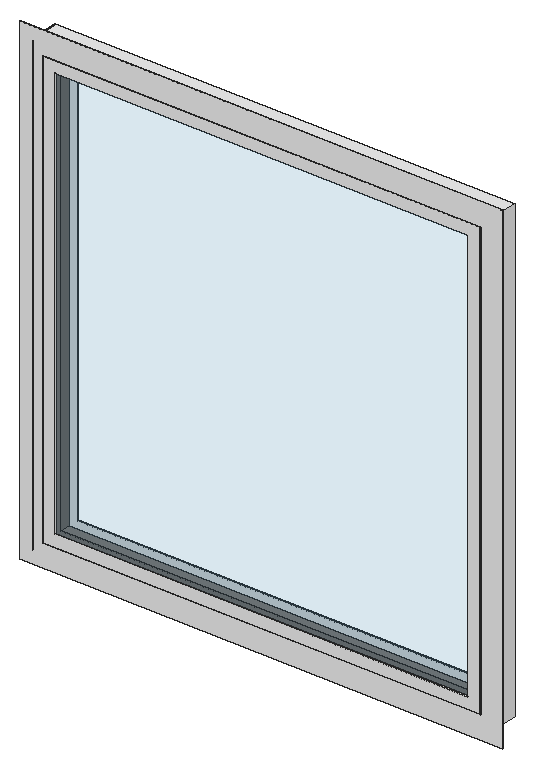
Revit family "Casement_30.5_I_Top_Hung_Custom", category Windows, host Wall, Revit 2014
Parameters (values of type "Casement_Sash_DG")
  Width Sash [instance] = 30 mm
  Width Sash Inner = 15 mm
  Width Bead = 15 mm
  Top Hung [instance] = yes
  Side Hung Right [instance] = yes
  Side Hung Left [instance] = yes
  Sash Opening Width [instance] = 600 mm
  Sash Opening Height [instance] = 600.312 mm
  Sash Lip = 15 mm
  Glazing Material [instance] = Glass
  DG Start Piece 2 [instance] = DG End Piece 1 + DG Gasket Thickness  # 25 mm
  DG Start Peice 1 [instance] = (Depth Sash - (2 * DG Glazing Thickness) - DG Gasket Thickness) / 2  # 6.6 mm
  Glazing Offset = 5 mm
  DG Glazing Thickness [instance] = 6.4 mm
  DG Gasket Thickness = 12 mm  # constant formula
  DG Gasket Material [instance] = Double Glazing Gasket Material
  DG End Piece 2 [instance] = DG Start Piece 2 + DG Glazing Thickness  # 31.4 mm
  DG End Piece 1 [instance] = DG Start Peice 1 + DG Glazing Thickness  # 13 mm
  Depth Sash [instance] = 38 mm
  Center Vertical Sash [instance] = Sash Opening Height / 2  # 300.156 mm
  Center Horizontal Sash [instance] = Sash Opening Width / 2  # 300 mm
  Bottom Hung [instance] = yes
  Bead Offset = 15 mm
  Aluminium Thickness = 1 mm
  Aluminium Material [instance] = White Powder Coated Aluminium
Reference planes
  plane 1 "Center (Front/Back)": y = 0
  plane 2: z = 0
  plane 3 "Center (Left/Right)": x = 0
Forms (mm)
  Sweep 1, solid, material "White Powder Coated Aluminium" <- "Aluminium Material"
    path origin (16.177, 0, 121.331) x (1, 0, 0) y (0, 0, 1)
      loop
        line (0, 0) -> (600, 0) -> (600, 600.312) -> (0, 600.312) -> (0, 0)
    profile origin (316.177, 0, 121.331) x (0, 0, 1) y (0, -1, 0)
      loop
        line (0, 0) -> (30, 0) -> (30, 1) -> (15, 1) -> (15, 38) -> (-15, 38) -> (-15, 37) -> (0, 37) -> (0, 0)
      loop
        line (14, 1) -> (14, 37) -> (1, 37) -> (1, 1) -> (14, 1)
  Sweep 2, solid, material "White Powder Coated Aluminium" <- "Aluminium Material"
    path origin (0, 0, 0) x (1, 0, 0) y (0, 0, 1)
      loop
        line (31.177, 706.643) -> (31.177, 136.331) -> (601.177, 136.331) -> (601.177, 706.643) -> (31.177, 706.643)
    profile origin (316.177, 0, 706.643) x (0, 0, 1) y (0, -1, 0)
      loop
        line (0, 37) -> (0, 38) -> (-15, 38) -> (-15, 37) -> (0, 37)
  Extrusion 3, solid, material "Glass" <- "Glazing Material"
    sketch origin (0, 0, 0) x (1, 0, 0) y (0, 0, 1)
      loop
        line (36.177, 701.643) -> (36.177, 141.331) -> (596.177, 141.331) -> (596.177, 701.643) -> (36.177, 701.643)
    from 6.6 <- "DG Start Peice 1" to 13 <- "DG End Piece 1"
  Extrusion 4, solid, material "Glass" <- "Glazing Material"
    sketch origin (0, 0, 0) x (1, 0, 0) y (0, 0, 1)
      loop
        line (36.177, 701.643) -> (36.177, 141.331) -> (596.177, 141.331) -> (596.177, 701.643) -> (36.177, 701.643)
    from 31.4 <- "DG End Piece 2" to 25 <- "DG Start Piece 2"
  Sweep 5, solid, material "Double Glazing Gasket Material" <- "DG Gasket Material"
    path origin (0, -13, 0) x (1, 0, 0) y (0, 0, 1)
      loop
        line (36.177, 701.643) -> (36.177, 141.331) -> (596.177, 141.331) -> (596.177, 701.643) -> (36.177, 701.643)
    profile origin (316.177, -13, 701.643) x (0, 0, 1) y (0, -1, 0)
      loop
        line (0, 0) -> (0, 12) -> (-7.96, 12) -> (-7.96, 0) -> (0, 0)
Lines and regions (mm)
  model lines
    curve 1: line (1.177, -38, 736.643) -> (31.177, -38, 706.643)
    curve 2: line (601.177, -38, 706.643) -> (631.177, -38, 736.643)
    curve 3: line (601.177, -38, 136.331) -> (631.177, -38, 106.331)
    curve 4: line (1.177, -38, 106.331) -> (31.177, -38, 136.331)
    curve 5: line (631.177, -37, 736.643) -> (616.177, -37, 721.643)
    curve 6: line (1.177, -37, 736.643) -> (16.177, -37, 721.643)
    curve 7: line (1.177, -37, 106.331) -> (16.177, -37, 121.331)
    curve 8: line (631.177, -37, 106.331) -> (616.177, -37, 121.331)
    curve 9: line (616.177, 0, 121.331) -> (586.177, 0, 151.331)
    curve 10: line (46.177, 0, 151.331) -> (16.177, 0, 121.331)
    curve 11: line (616.177, 0, 721.643) -> (586.177, 0, 691.643)
    curve 12: line (46.177, 0, 691.643) -> (16.177, 0, 721.643)
    curve 13: line (31.177, -38, 691.643) -> (46.177, -38, 691.643)
    curve 14: line (586.177, -38, 691.643) -> (601.177, -38, 691.643)
    curve 15: line (586.177, -38, 151.331) -> (601.177, -38, 151.331)
    curve 16: line (31.177, -38, 151.331) -> (46.177, -38, 151.331)
  model lines, style "GenericModelHiddenLines", visible <- "Top Hung"
    curve 17: line (46.386, -31.4, 690.914) -> (316.177, -31.4, 151.331)
    curve 18: line (316.177, -31.4, 151.331) -> (586.177, -31.4, 691.331)
  model lines, style "GenericModelHiddenLines", visible <- "Bottom Hung"
    curve 19: line (46.177, -31.4, 151.331) -> (316.177, -31.4, 691.331)
    curve 20: line (316.177, -31.4, 691.331) -> (586.177, -31.4, 151.331)
  model lines, style "GenericModelHiddenLines", visible <- "Side Hung Left"
    curve 21: line (46.386, -31.4, 690.914) -> (585.24, -31.4, 421.487)
    curve 22: line (585.24, -31.4, 421.487) -> (46.177, -31.4, 151.331)
  model lines, style "GenericModelHiddenLines", visible <- "Side Hung Right"
    curve 23: line (586.177, -31.4, 691.331) -> (46.177, -31.4, 421.487)
    curve 24: line (46.177, -31.4, 421.487) -> (586.177, -31.4, 151.331)
Dimensions and locks
  "Aluminium Thickness": Sweep 1 sketch curve to Sweep 1 sketch curve  (x4)
  "Depth Sash": Sweep 1 sketch curve to Sweep 1 sketch curve
  "Sash Opening Width": Sweep 1 to Sweep 1
  "Sash Opening Height": Sweep 1 to Sweep 1
  "Width Sash": Sweep 1 sketch curve to Sweep 1 sketch curve  (x2)
  "Width Sash Inner": Sweep 1 sketch curve to Sweep 1 sketch curve
  "Sash Lip": Sweep 1 sketch curve to Sweep 1 sketch curve
  "Aluminium Thickness": Sweep 1 to Sweep 2 sketch curve
  "Glazing Offset": Sweep 2 to Extrusion 3 sketch curve  (x3)
  "Glazing Offset": Extrusion 3 sketch curve to Sweep 2
  Sweep 1 to Sweep 1 = 1 mm
  "Aluminium Thickness": Sweep 2 sketch curve to Sweep 2 sketch curve
  "Width Bead": Sweep 2 sketch curve to Sweep 2 sketch curve
  locked: Sweep 5 sketch curve to Sweep 5 sketch curve at 7.96
  "Center Horizontal Sash": Sweep 1 to curve 18
  "Center Horizontal Sash": Sweep 1 to curve 20
  "Center Vertical Sash": Sweep 1 to curve 22
  "Center Vertical Sash": Sweep 1 to curve 24
  aligned and locked: level to plane 2
  aligned and locked: Sweep 1 sketch curve to Sweep 1 sketch curve  (x2)
  aligned and locked: Sweep 2 sketch curve to Sweep 1  (x5)
  aligned and locked: Extrusion 4 sketch curve to Extrusion 3  (x4)
  aligned and locked: Sweep 5 sketch curve to Extrusion 3  (x5)
  aligned and locked: Extrusion 3 to Sweep 5 sketch curve
Automatic sketch dimensions
  plane 3 "Center (Left/Right)" to Sweep 1 sketch curve = 16.177 mm
  level to Sweep 1 sketch curve = 121.331 mm
  plane 3 "Center (Left/Right)" to Sweep 1 sketch curve = 616.177 mm
  level to Sweep 1 sketch curve = 721.643 mm
  profile plane to Sweep 5 sketch curve = 12 mm
  curve 7 to Sweep 1 = 0 mm  (x4)
  curve 6 to Sweep 1 = 0 mm  (x3)
  Sweep 1 to curve 6 = 0 mm
  curve 5 to Sweep 1 = 0 mm  (x3)
  curve 8 to Sweep 1 = 0 mm  (x4)
  Sweep 1 to curve 5 = 0 mm
  curve 16 to Sweep 2 = 0 mm  (x3)
  curve 13 to Sweep 2 = 0 mm  (x3)
  curve 15 to Sweep 2 = 0 mm
  Sweep 2 to curve 15 = 0 mm  (x2)
  curve 14 to Sweep 2 = 0 mm  (x2)
  Sweep 2 to curve 14 = 0 mm
  curve 1 to Sweep 1 = 0 mm  (x4)
  curve 4 to Sweep 1 = 0 mm  (x3)
  Sweep 1 to curve 4 = 0 mm
  curve 3 to Sweep 1 = 0 mm  (x3)
  curve 2 to Sweep 1 = 0 mm  (x4)
  Sweep 1 to curve 3 = 0 mm
  curve 10 to Sweep 1 = 0 mm  (x4)
  curve 12 to Sweep 1 = 0 mm  (x3)
  Sweep 1 to curve 12 = 0 mm
  curve 9 to Sweep 1 = 0 mm  (x4)
  curve 11 to Sweep 1 = 0 mm  (x3)
  Sweep 1 to curve 11 = 0 mm
  Sweep 1 sketch curve to plane 1 "Center (Front/Back)" = 0 mm
  profile plane to Sweep 1 sketch curve = 0 mm
  curve 21 to Extrusion 4 = 10.208 mm
  curve 19 to Extrusion 4 = 10 mm
  curve 23 to Extrusion 4 = 10 mm  (x2)
  curve 22 to Extrusion 4 = 10.937 mm
  curve 20 to Extrusion 4 = 10 mm
  curve 24 to Extrusion 4 = 10 mm
  curve 22 to Extrusion 4 = 10 mm
  curve 18 to Extrusion 4 = 10 mm
  curve 21 to Extrusion 4 = 10.729 mm
  curve 19 to Extrusion 4 = 10.312 mm
  curve 18 to Extrusion 4 = 10.312 mm
